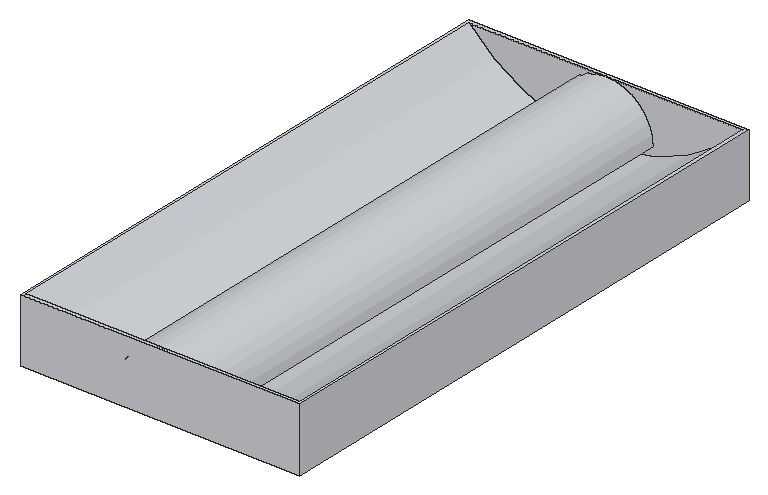
Revit family "ca594e4725b74b9d8f00bc814b916aa1", category Lighting Fixtures, host Face, Revit 2021
Family settings
  Host = Face
  Round Connector Dimension = Use Diameter
  Part Type = Normal
  OmniClass Number = 23.80.70.11.14.17
  OmniClass Title = Direct/Indirect
  Seek Item ID = Recessed Direct-Indirect Light - Symmetrical-0000-USA-ENU
  Cut with Voids When Loaded = No
  Light Source = Yes
  Shared = No
  Room Calculation Point = No
Parameters (values of type "48"(3 Lamp) - 277V")
  Wattage = 96 W
  built-in parameter 1150110 = 1 (stored number, unit not read)
  built-in parameter 1114217 = 0.87 (stored number, unit not read)
  built-in parameter 1150109 = 1 (stored number, unit not read)
  built-in parameter 1150134 = 8
  built-in parameter 1150113 = 1 (stored number, unit not read)
  Tilt Angle = -90.00°
  Lumens = 8549.76 lm
  built-in parameter 1150115 = 1 (stored number, unit not read)
  built-in parameter 1150105 = 680.37 (stored number, unit not read)
  Load Classification = Lighting - Dwelling Unit
  built-in parameter 1150137 = 1
  built-in parameter 1150139 = (empty or 0)
  Light Box Material = none
  Length 1 = (sqrt((Box Width / 2 - 0' 0 1/4") ^ 2 + (Box Height - 0' 0 1/4") ^ 2) / 2) / sin(atan((Box Height - 0' 0 1/4") / (Box Width / 2 - 0' 0 1/4")))  # 1' - 3.77381"
  built-in parameter 1150112 = 1 (stored number, unit not read)
  built-in parameter 1150114 = 1 (stored number, unit not read)
  Lamp = "T8"
  Photometric Web File = "483T8_S.ies"
  built-in parameter 1150132 = (empty or 0)
  built-in parameter 1150102 = (empty or 0)
  built-in parameter 1150138 = (empty or 0)
  built-in parameter 1150107 = 4230 (stored number, unit not read)
  built-in parameter 1150106 = 6.8037 (stored number, unit not read)
  Half Diffuser Width = Diffuser Width / 2  # 0' - 4"
  Emit from Rectangle Width = Box Length - 0' 0 1/2"  # 3' - 11 1/2"
  Emit from Rectangle Length = Box Width - 0' 0 1/2"  # 1' - 11 1/2"
  Emit Shape Visible in Rendering = no
  built-in parameter 1150104 = 8.2739 (stored number, unit not read)
  Dimming Lamp Color Temperature Shift = <None>
  Diffuser Width = 0' - 8"
  Diffuser Material = none
  Default Elevation = 4' - 0"
  Color Filter = 16777215
  built-in parameter 1140040 [instance] = 1
  Box Width = 2' - 0"
  Box Length = 4' - 0"
  Box Height = 0' - 5 1/2"
  Ballast Voltage = 277 V
  Ballast Number of Poles = 1
  built-in parameter 1114218 = 0.87 (stored number, unit not read)
  built-in parameter 1150133 = 10 (stored number, unit not read)
  Apparent Load = 96 VA
Types (23): name | Wattage | built-in parameter 1114217 | Lumens | built-in parameter 1150105 | Length 1 | Lamp | Photometric Web File | built-in parameter 1150106 | Half Diffuser Width | Emit from Rectangle Width | Emit from Rectangle Length | built-in parameter 1150104 | Diffuser Width | Box Width | Box Length | Ballast Voltage | built-in parameter 1114218 | Apparent Load
  (no name) | 96 W | 0.87 (stored number, unit not read) | 8549.76 lm | 680.37 (stored number, unit not read) | 1' - 3.77381" | "T8" | "483T8_S.ies" | 6.8037 (stored number, unit not read) | 0' - 4" | 3' - 11 1/2" | 1' - 11 1/2" | 8.2739 (stored number, unit not read) | 0' - 8" | 2' - 0" | 4' - 0" | 277 V | 0.87 (stored number, unit not read) | 96 VA
  22"(1 Lamp) - 120V | 24 W | 1 (stored number, unit not read) | 1759.92 lm | 140.05 (stored number, unit not read) | 0' - 5.77381" | "T5" | "221T5_S.ies" | 1.4005 (stored number, unit not read) | 0' - 2 1/2" | 1' - 11 1/2" | 0' - 11 1/2" | 6.8126 (stored number, unit not read) | 0' - 5" | 1' - 0" | 2' - 0" | 120 V | 1 (stored number, unit not read) | 24 VA
  22"(1 Lamp) - 277V | 24 W | 1 (stored number, unit not read) | 1759.92 lm | 140.05 (stored number, unit not read) | 0' - 5.77381" | "T5" | "221T5_S.ies" | 1.4005 (stored number, unit not read) | 0' - 2 1/2" | 1' - 11 1/2" | 0' - 11 1/2" | 6.8126 (stored number, unit not read) | 0' - 5" | 1' - 0" | 2' - 0" | 277 V | 1 (stored number, unit not read) | 24 VA
  46"(1 Lamp) - 120V | 54 W | 1 (stored number, unit not read) | 4399.92 lm | 350.13 (stored number, unit not read) | 0' - 5.77381" | "T5" | "461T5_S.ies" | 3.5013 (stored number, unit not read) | 0' - 2 1/2" | 3' - 11 1/2" | 0' - 11 1/2" | 7.5697 (stored number, unit not read) | 0' - 5" | 1' - 0" | 4' - 0" | 120 V | 1 (stored number, unit not read) | 54 VA
  46"(1 Lamp) - 277V | 54 W | 1 (stored number, unit not read) | 4399.92 lm | 350.13 (stored number, unit not read) | 0' - 5.77381" | "T5" | "461T5_S.ies" | 3.5013 (stored number, unit not read) | 0' - 2 1/2" | 3' - 11 1/2" | 0' - 11 1/2" | 7.5697 (stored number, unit not read) | 0' - 5" | 1' - 0" | 4' - 0" | 277 V | 1 (stored number, unit not read) | 54 VA
  24"(1 Lamp) - 120V | 40 W | 0.88 (stored number, unit not read) | 3150 lm | 250.67 (stored number, unit not read) | 0' - 5.77381" | "T5" | "241T5_S.ies" | 2.5067 (stored number, unit not read) | 0' - 2 1/2" | 1' - 11 1/2" | 0' - 11 1/2" | 7.3161 (stored number, unit not read) | 0' - 5" | 1' - 0" | 2' - 0" | 120 V | 0.88 (stored number, unit not read) | 40 VA
  24"(1 Lamp) - 277V | 40 W | 0.88 (stored number, unit not read) | 3150 lm | 250.67 (stored number, unit not read) | 0' - 5.77381" | "T5" | "241T5_S.ies" | 2.5067 (stored number, unit not read) | 0' - 2 1/2" | 1' - 11 1/2" | 0' - 11 1/2" | 7.3161 (stored number, unit not read) | 0' - 5" | 1' - 0" | 2' - 0" | 277 V | 0.88 (stored number, unit not read) | 40 VA
  22"(2 Lamp) - 120V | 48 W | 0.88 (stored number, unit not read) | 3519.84 lm | 280.1 (stored number, unit not read) | 1' - 3.77381" | "T5" | "222T5_S.ies" | 2.801 (stored number, unit not read) | 0' - 4" | 1' - 11 1/2" | 1' - 11 1/2" | 6.8126 (stored number, unit not read) | 0' - 8" | 2' - 0" | 2' - 0" | 120 V | 0.88 (stored number, unit not read) | 48 VA
  22"(2 Lamp) - 277V | 48 W | 0.88 (stored number, unit not read) | 3519.84 lm | 280.1 (stored number, unit not read) | 1' - 3.77381" | "T5" | "222T5_S.ies" | 2.801 (stored number, unit not read) | 0' - 4" | 1' - 11 1/2" | 1' - 11 1/2" | 6.8126 (stored number, unit not read) | 0' - 8" | 2' - 0" | 2' - 0" | 277 V | 0.88 (stored number, unit not read) | 48 VA
  48"(2 Lamp) - 120V | 64 W | 0.96 (stored number, unit not read) | 5699.84 lm | 453.58 (stored number, unit not read) | 1' - 3.77381" | "T8" | "482T8_S.ies" | 4.5358 (stored number, unit not read) | 0' - 4" | 3' - 11 1/2" | 1' - 11 1/2" | 8.2739 (stored number, unit not read) | 0' - 8" | 2' - 0" | 4' - 0" | 120 V | 0.96 (stored number, unit not read) | 64 VA
  48"(2 Lamp) - 277V | 64 W | 0.96 (stored number, unit not read) | 5699.84 lm | 453.58 (stored number, unit not read) | 1' - 3.77381" | "T8" | "482T8_S.ies" | 4.5358 (stored number, unit not read) | 0' - 4" | 3' - 11 1/2" | 1' - 11 1/2" | 8.2739 (stored number, unit not read) | 0' - 8" | 2' - 0" | 4' - 0" | 277 V | 0.96 (stored number, unit not read) | 64 VA
  46"(2 Lamp) - 120V | 108 W | 0.88 (stored number, unit not read) | 8799.84 lm | 700.27 (stored number, unit not read) | 1' - 3.77381" | "T5" | "462T5_S.ies" | 7.0027 (stored number, unit not read) | 0' - 4" | 3' - 11 1/2" | 1' - 11 1/2" | 7.5697 (stored number, unit not read) | 0' - 8" | 2' - 0" | 4' - 0" | 120 V | 0.88 (stored number, unit not read) | 108 VA
  46"(2 Lamp) - 277V | 108 W | 0.88 (stored number, unit not read) | 8799.84 lm | 700.27 (stored number, unit not read) | 1' - 3.77381" | "T5" | "462T5_S.ies" | 7.0027 (stored number, unit not read) | 0' - 4" | 3' - 11 1/2" | 1' - 11 1/2" | 7.5697 (stored number, unit not read) | 0' - 8" | 2' - 0" | 4' - 0" | 277 V | 0.88 (stored number, unit not read) | 108 VA
  24"(2 Lamp) - 120V | 80 W | 0.88 (stored number, unit not read) | 6300 lm | 501.34 (stored number, unit not read) | 1' - 3.77381" | "T5" | "242T5_S.ies" | 5.0134 (stored number, unit not read) | 0' - 4" | 1' - 11 1/2" | 1' - 11 1/2" | 7.3161 (stored number, unit not read) | 0' - 8" | 2' - 0" | 2' - 0" | 120 V | 0.88 (stored number, unit not read) | 80 VA
  24"(2 Lamp) - 277V | 80 W | 0.88 (stored number, unit not read) | 6300 lm | 501.34 (stored number, unit not read) | 1' - 3.77381" | "T5" | "242T5_S.ies" | 5.0134 (stored number, unit not read) | 0' - 4" | 1' - 11 1/2" | 1' - 11 1/2" | 7.3161 (stored number, unit not read) | 0' - 8" | 2' - 0" | 2' - 0" | 277 V | 0.88 (stored number, unit not read) | 80 VA
  22"(3 Lamp) - 120V | 42 W | 1 (stored number, unit not read) | 3659.88 lm | 291.24 (stored number, unit not read) | 1' - 3.77381" | "T5" | "223T5_S.ies" | 2.9124 (stored number, unit not read) | 0' - 4" | 1' - 11 1/2" | 1' - 11 1/2" | 8.0956 (stored number, unit not read) | 0' - 8" | 2' - 0" | 2' - 0" | 120 V | 1 (stored number, unit not read) | 42 VA
  22"(3 Lamp) - 277V | 42 W | 1 (stored number, unit not read) | 3659.88 lm | 291.24 (stored number, unit not read) | 1' - 3.77381" | "T5" | "223T5_S.ies" | 2.9124 (stored number, unit not read) | 0' - 4" | 1' - 11 1/2" | 1' - 11 1/2" | 8.0956 (stored number, unit not read) | 0' - 8" | 2' - 0" | 2' - 0" | 277 V | 1 (stored number, unit not read) | 42 VA
  48"(3 Lamp) - 120V | 96 W | 0.87 (stored number, unit not read) | 8549.76 lm | 680.37 (stored number, unit not read) | 1' - 3.77381" | "T8" | "483T8_S.ies" | 6.8037 (stored number, unit not read) | 0' - 4" | 3' - 11 1/2" | 1' - 11 1/2" | 8.2739 (stored number, unit not read) | 0' - 8" | 2' - 0" | 4' - 0" | 120 V | 0.87 (stored number, unit not read) | 96 VA
  48"(3 Lamp) - 277V | 96 W | 0.87 (stored number, unit not read) | 8549.76 lm | 680.37 (stored number, unit not read) | 1' - 3.77381" | "T8" | "483T8_S.ies" | 6.8037 (stored number, unit not read) | 0' - 4" | 3' - 11 1/2" | 1' - 11 1/2" | 8.2739 (stored number, unit not read) | 0' - 8" | 2' - 0" | 4' - 0" | 277 V | 0.87 (stored number, unit not read) | 96 VA
  46"(3 Lamp) - 120V | 162 W | 0.88 (stored number, unit not read) | 13350.4 lm | 1062.4 (stored number, unit not read) | 1' - 3.77381" | "T5" | "463T5_S.ies" | 10.624 (stored number, unit not read) | 0' - 4" | 3' - 11 1/2" | 1' - 11 1/2" | 7.6561 (stored number, unit not read) | 0' - 8" | 2' - 0" | 4' - 0" | 120 V | 0.88 (stored number, unit not read) | 162 VA
  46"(3 Lamp) - 277V | 162 W | 0.88 (stored number, unit not read) | 13350.4 lm | 1062.4 (stored number, unit not read) | 1' - 3.77381" | "T5" | "463T5_S.ies" | 10.624 (stored number, unit not read) | 0' - 4" | 3' - 11 1/2" | 1' - 11 1/2" | 7.6561 (stored number, unit not read) | 0' - 8" | 2' - 0" | 4' - 0" | 277 V | 0.88 (stored number, unit not read) | 162 VA
  24"(3 Lamp) - 120V | 120 W | 0.85 (stored number, unit not read) | 9450 lm | 752.01 (stored number, unit not read) | 1' - 3.77381" | "T5" | "243T5_S.ies" | 7.5201 (stored number, unit not read) | 0' - 4" | 1' - 11 1/2" | 1' - 11 1/2" | 7.3161 (stored number, unit not read) | 0' - 8" | 2' - 0" | 2' - 0" | 120 V | 0.85 (stored number, unit not read) | 120 VA
  24"(3 Lamp) - 277V | 120 W | 0.85 (stored number, unit not read) | 9450 lm | 752.01 (stored number, unit not read) | 1' - 3.77381" | "T5" | "243T5_S.ies" | 7.5201 (stored number, unit not read) | 0' - 4" | 1' - 11 1/2" | 1' - 11 1/2" | 7.3161 (stored number, unit not read) | 0' - 8" | 2' - 0" | 2' - 0" | 277 V | 0.85 (stored number, unit not read) | 120 VA
Reference planes (in)
  plane 1 "Center (Front/Back)": y = 0
  plane 2: z = 0
  plane 3 "Center (Left/Right)": x = 0
  plane 4: y = 24
  plane 5: y = -24
  plane 6: x = -12
  plane 7: x = 12
  plane 8: z = -5.5
  plane 9: z = -5.25
  plane 10: x = 11.75
  plane 11: x = -11.75
  plane 12: z = 10.52381
  plane 13: y = 23.75
  plane 14: y = -23.75
  plane 15: x = -4
  plane 16: x = 4
  plane 17: z = -4
Forms (in)
  Extrusion 1, solid, material <- "Light Box Material"
    sketch origin (0, 0, 0) x (1, 0, 0) y (0, 1, 0)
      loop
        line (-12, 24) -> (-12, -24) -> (12, -24) -> (12, 24) -> (-12, 24)
    from -5.5 to 0
  Extrusion 2, void
    sketch origin (0, 0, 0) x (1, 0, 0) y (0, 0, 1)
      loop
        arc (-11.75, 0) -> (0, -5.25) -> (11.75, 0) r 15.77381
        line (11.75, 0) -> (-11.75, 0)
    from -23.75 to 23.75
  Extrusion 3, solid, material <- "Diffuser Material"
    sketch origin (0, 0, 0) x (1, 0, 0) y (0, 0, 1)
      loop
        line (-4, -4) -> (-3.75, -4)
        arc (-3.75, -4) -> (0, -0.25) -> (3.75, -4) r 3.75
        line (3.75, -4) -> (4, -4)
        arc (4, -4) -> (0, 0) -> (-4, -4) r 4
    from -23.75 to 23.75
Cuts and joins
  Extrusion 2 cuts Extrusion 1
Lines and regions (in)
  symbolic lines
    curve 1: line (-12, 24, 0) -> (12, 24, 0)
    curve 2: line (-12, -24, 0) -> (-12, 24, 0)
    curve 3: line (12, -24, 0) -> (-12, -24, 0)
    curve 4: line (12, 24, 0) -> (12, -24, 0)
  symbolic lines, detail levels coarse+medium
    curve 5: line (-12, 24, 0) -> (12, -24, 0)
Dimensions and locks (in)
  equal spacing: plane 4, plane 1 "Center (Front/Back)", plane 5
  "Box Length": plane 4 to plane 5
  equal spacing: plane 6, plane 3 "Center (Left/Right)", plane 7
  "Box Width": plane 6 to plane 7
  "Box Height": plane 2 to plane 8
  locked: plane 11 to plane 6 at 0.25
  locked: plane 7 to plane 10 at 0.25
  locked: plane 9 to plane 8 at 0.25
  "Length 1": plane 12 to plane 9
  locked: plane 4 to plane 13 at 0.25
  locked: plane 14 to plane 5 at 0.25
  equal spacing: plane 16, plane 3 "Center (Left/Right)", plane 15
  "Diffuser Width": plane 16 to plane 15
  "Half Diffuser Width": plane 2 to plane 17
  locked: Extrusion 3 sketch curve to Extrusion 3 sketch curve at 0.25  (x2)
  "Half Diffuser Width": radius of Extrusion 3 sketch curve
  aligned and locked: plane 2 to host face
  aligned and locked: level to host face
  aligned and locked: plane 6 to Extrusion 1 sketch curve
  aligned and locked: Extrusion 1 sketch curve to plane 4
  aligned and locked: plane 5 to Extrusion 1 sketch curve
  aligned and locked: Extrusion 1 sketch curve to plane 7
  aligned and locked: Extrusion 1 to plane 8
  aligned and locked: plane 2 to Extrusion 1
  aligned and locked: plane 12 to Extrusion 2 sketch curve
  aligned and locked: plane 3 "Center (Left/Right)" to Extrusion 2 sketch curve
  aligned and locked: plane 10 to Extrusion 2 sketch curve
  aligned and locked: plane 11 to Extrusion 2 sketch curve
  aligned and locked: Extrusion 2 sketch curve to plane 2
  aligned and locked: cut or joined group of Extrusion 1, Extrusion 2 to plane 13
  aligned and locked: cut or joined group of Extrusion 1, Extrusion 2 to plane 14
  aligned and locked: plane 17 to Extrusion 3 sketch curve
  aligned and locked: plane 3 "Center (Left/Right)" to Extrusion 3 sketch curve
  aligned and locked: Extrusion 3 sketch curve to plane 17
  aligned and locked: plane 13 to Extrusion 3
  aligned and locked: Extrusion 3 to plane 14
  aligned and locked: plane 5 to curve 3
  aligned and locked: plane 6 to curve 2
  aligned and locked: curve 4 to plane 7
  aligned and locked: plane 7 to curve 5
  aligned and locked: plane 4 to curve 5
  aligned and locked: plane 6 to curve 5
  aligned and locked: plane 3 "Center (Left/Right)" to imposter light
  aligned and locked: plane 1 "Center (Front/Back)" to imposter light
  aligned and locked: plane 2 to imposter light
Automatic sketch dimensions
  host sketch curve to host sketch curve = 8' - 0"  (x2)
Connectors (in)
  electrical at (0, -24, -2.75), driven by "Apparent Load", driven by "Ballast Voltage", driven by "Ballast Number of Poles", driven by "Load Classification"
    settings: on cut or joined group of Extrusion 1, Extrusion 2, index 1, voltage 277 V, apparent load 0 VA, apparent load phase1 96 VA, apparent load phase2 0 VA, apparent load phase3 0 VA, power factor 0.95, load classification "Lighting - Dwelling Unit", number of poles 1, system type 31, power factor state 1, is connector primary yes, connector utility no, sub classification motor no, connector description ""
